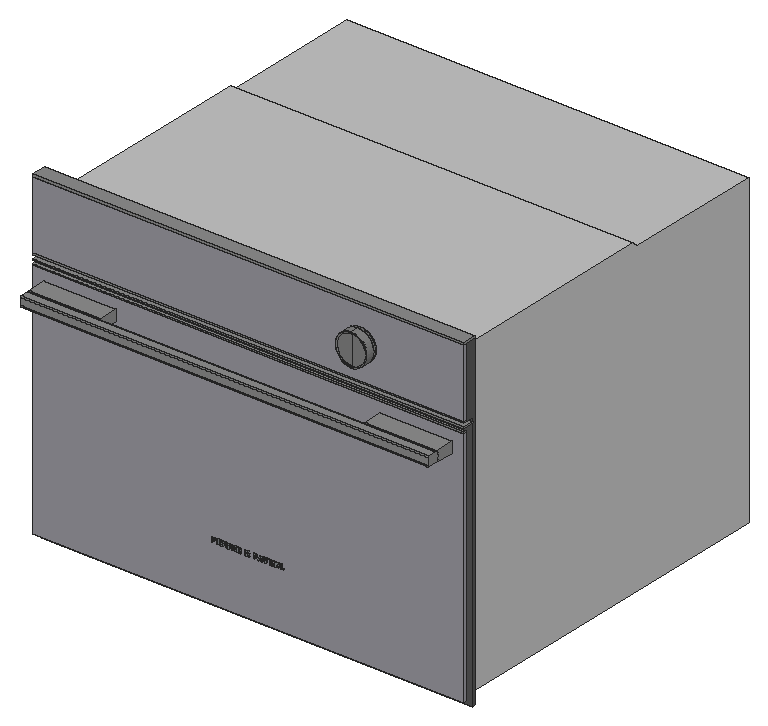
Revit family "FP-Revit19-en-OS60NMTDG1-CombinationSteamOven-0-90003171A-AU-NZ-CN-IE-UK", category Specialty Equipment, Revit 2019
Family settings
  Round Connector Dimension = Use Diameter
  Part Type = Normal
  OmniClass Number = 23.40.40.14.17.11
  OmniClass Title = Cookers, Ovens, Stoves
  Work Plane-Based = No
  Always vertical = Yes
  Cut with Voids When Loaded = Yes
  Shared = No
  Room Calculation Point = No
Parameters (values of type "OS60NMTDG1")
  Visibility - Clearance Required = yes
  URL = "www.fisherpaykel.com"
  Product - Height = 458 mm  # constant formula
  Product - Width = 596 mm  # constant formula
  Product - Depth (Exc. Handles) = 565 mm  # constant formula
  Opening - Height = 460 mm  # constant formula
  Model = "OS60NMTDG1"
  Material - Trim = Fisher & Paykel - Aluminium, Dark
  Material - Structure = Fisher & Paykel - Black
  Material - Handle = Fisher & Paykel - Aluminium, Dark
  Material - Glass = Fisher & Paykel - Glass, Grey
  Material - Dial = Fisher & Paykel - Aluminium, Dark, Matt
  Material - Body = Fisher & Paykel - Grey
  Manufacturer = "Fisher & Paykel Appliances"
  FFL Offset [instance] = 900 mm
  Description = "Combination Steam Oven, 60cm, 23 Function"
  Connector Description - Electrical = "220-250V, 50Hz ,15A"
  Chassis - Width = 556 mm  # constant formula
  Chassis - Height = 435 mm  # constant formula
  Chassis - Depth = 545 mm  # constant formula
  Cavity - Width = 560 mm  # constant formula
  Cavity - Height = 440 mm  # constant formula
  Cavity - Depth = 550 mm  # constant formula
Reference planes
  plane 1 "Datum": y = 0
  plane 2: z = -2
  plane 3 "Center (Left/Right)": x = 0
  plane 4 "Product - LHS": x = -298
  plane 5 "Product - RHS": x = 298
  plane 6 "Cavity - RHS": x = 280
  plane 7 "FFL Offset": z = 898
  plane 8 "Chassis - Depth": y = 545
  plane 9 "Front Face": y = -20
  plane 10 "Chassis - Height": z = 1333
  plane 11 "Cavity - Height": z = 1338
  plane 12 "Opening - Height": z = 1358
  plane 13 "Cavity - Depth": y = 550
  plane 14 "Cavity - LHS": x = -280
  plane 15 "Product - Height": z = 1356
  plane 16 "Opening - RHS": x = 300
  plane 17 "Opening - LHS": x = -300
  plane 18 "Chassis - LHS": x = -278
  plane 19 "Chassis - RHS": x = 278
Forms (mm)
  Extrusion 1, solid, material "Fisher & Paykel - Grey" <- "Material - Body"
    sketch origin (0, 0, 0) x (0, 1, 0) y (0, 0, 1)
      loop
        line (0, 1333) -> (0, 898) -> (528, 898) -> (528, 948) -> (545, 968) -> (545, 1163) -> (498, 1218) -> (498, 1326) -> (305, 1326) -> (298, 1333) -> (0, 1333)
    from -278 to 278
  Extrusion 2, solid, material "Fisher & Paykel - Black" <- "Material - Structure", detail levels fine
    sketch origin (0, 0, 0) x (0, 1, 0) y (0, 0, 1)
      loop
        line (0, 1352.7) -> (-16, 1352.7) -> (-16, 1256) -> (-4, 1256) -> (-4, 898) -> (0, 898) -> (0, 1352.7)
    from -298 to 298
  Extrusion 3, solid, material "Fisher & Paykel - Glass, Grey" <- "Material - Glass", detail levels fine
    sketch origin (0, 0, -3) x (0, 1, 0) y (0, 0, 1)
      loop
        line (-20, 1246.4) -> (-20, 912.8) -> (-16, 912.8) -> (-16, 1246.4) -> (-20, 1246.4)
      loop
        line (-20, 1260.8) -> (-16, 1260.8) -> (-16, 1355.7) -> (-20, 1355.7) -> (-20, 1260.8)
    from -298 to 298
  Extrusion 4, solid, material "Fisher & Paykel - Clearance Required", visible <- "Visibility - Clearance Required", detail levels coarse
    sketch origin (0, 0, -2) x (1, 0, 0) y (0, 1, 0)
      loop
        line (-280, 0) -> (280, 0) -> (280, 550) -> (-280, 550) -> (-280, 0)
    from 900 to 1340
  Extrusion 5, void
    sketch origin (0, 0, 0) x (0, 1, 0) y (0, 0, 1)
      loop
        line (-20, 898) -> (0, 898) -> (0, 1358) -> (-20, 1358) -> (-20, 898)
    from -300 to 300
  Extrusion 6, solid, material "Fisher & Paykel - Grey" <- "Material - Body"
    sketch origin (0, 2, 0) x (0, 1, 0) y (0, 0, 1)
      loop
        line (496, 1293.999) -> (496, 1237) -> (518, 1237) -> (518, 1293.999) -> (496, 1293.999)
    from -221 to -127
  Extrusion 7, solid, material "Fisher & Paykel - Aluminium, Dark" <- "Material - Trim", detail levels fine
    sketch origin (0, 0, -1.199) x (0, 1, 0) y (0, 0, 1)
      loop
        line (-16, 1257.199) -> (-16, 1258.999) -> (-20, 1258.999) -> (-20, 1257.199) -> (-16, 1257.199)
      loop
        line (-16, 1244.599) -> (-16, 1246.199) -> (-20, 1246.199) -> (-20, 1244.599) -> (-16, 1244.599)
      loop
        line (-4, 1250.799) -> (-4, 1252.399) -> (-20, 1252.399) -> (-20, 1250.799) -> (-4, 1250.799)
      loop
        line (0, 1353.899) -> (0, 1357.199) -> (-20, 1357.199) -> (-20, 1353.899) -> (0, 1353.899)
    from -298 to 298
  Extrusion 8, solid, material "Fisher & Paykel - Grey" <- "Material - Body"
    sketch origin (0, 1.626, -14.403) x (0, 1, 0) y (0, 0, 1)
      loop
        circle (506.375, 1279.903) r 5
    from -271 to -221
  Extrusion 9, void
    sketch origin (0, 0, -2) x (1, 0, 0) y (0, 1, 0)
      loop
        line (-280, 0) -> (280, 0) -> (280, 550) -> (-280, 550) -> (-280, 0)
    from 900 to 1340
  Extrusion 10, solid, material "Fisher & Paykel - Glass, Grey" <- "Material - Glass", detail levels coarse+medium
    sketch origin (0, 0, 0) x (0, 1, 0) y (0, 0, 1)
      loop
        line (0, 1356) -> (-20, 1356) -> (-20, 1256) -> (-4, 1256) -> (-4, 1251.2) -> (-4, 1242.5) -> (-16, 1242.5) -> (-16, 1245) -> (-20, 1245) -> (-20, 909.8) -> (-4, 909.8) -> (-4, 898) -> (0, 898) -> (0, 1356)
    from -298 to 298
  Extrusion 11, solid, material "Fisher & Paykel - Black", detail levels fine
    sketch origin (0, 0, 0) x (0, 1, 0) y (0, 0, 1)
      loop
        line (-16, 1242.5) -> (-16, 909.8) -> (-4, 909.8) -> (-4, 1242.5) -> (-16, 1242.5)
    from -278 to 278
  Extrusion 12, solid, material "Fisher & Paykel - Clearance Required", visible <- "Visibility - Clearance Required", detail levels coarse
    sketch origin (0, 0, -15) x (0, 1, 0) y (0, 0, 1)
      loop
        line (-20, 927.07) -> (-20, 913) -> (0, 913) -> (0, 1373) -> (-20, 1373) -> (-20, 1260)
        arc (-20, 1260) -> (-242.697, 1184.786) -> (-349.951, 975.626) r 312.455
        line (-349.951, 975.626) -> (-323.58, 971.745) -> (-329.921, 928.657) -> (-313.601, 926.256) -> (-307.26, 969.344) -> (-20, 927.07)
    from -300 to 300
  Extrusion 13, void
    sketch origin (0, 0, -2) x (1, 0, 0) y (0, 1, 0)
      loop
        line (278, 498) -> (278, 550) -> (198.978, 550) -> (229, 498) -> (278, 498)
      loop
        line (-278, 498) -> (-229, 498) -> (-198.978, 550) -> (-278, 550) -> (-278, 498)
    from 900 to 1340
Cuts and joins
  Extrusion 13 cuts Extrusion 1
Text (mm)
  text "Due to ongoing product development, product details are subject to change without notice. \nPlease always refer to www.fisherpaykel.com for the most current product information. \n© Fisher & Paykel 2020" at (41.04, -613.295, 0), in view "Ref. Level (Plan)"
Dimensions and locks
  equal spacing: plane 4 "Product - LHS", plane 3 "Center (Left/Right)", plane 5 "Product - RHS"
  "Product - Width": plane 4 "Product - LHS" to plane 5 "Product - RHS"
  "FFL Offset": plane 7 "FFL Offset" to level
  locked: plane 9 "Front Face" to plane 1 "Datum" at 20
  "Cavity - Height": plane 11 "Cavity - Height" to plane 7 "FFL Offset"
  "Chassis - Height": plane 10 "Chassis - Height" to plane 7 "FFL Offset"
  "Cavity - Width": plane 14 "Cavity - LHS" to plane 6 "Cavity - RHS"
  Extrusion 5 to Extrusion 3 = 11.8 mm
  "Chassis - Depth": plane 1 "Datum" to plane 8 "Chassis - Depth"
  equal spacing: plane 14 "Cavity - LHS", plane 3 "Center (Left/Right)", plane 6 "Cavity - RHS"
  "Opening - Height": plane 7 "FFL Offset" to plane 12 "Opening - Height"
  "Product - Height": plane 7 "FFL Offset" to plane 15 "Product - Height"
  locked: nested 2 to plane 15 "Product - Height" at 366.018
  locked: plane 15 "Product - Height" to nested 3 at 135
  locked: nested 1 to plane 15 "Product - Height" at 52
  "Cavity - Depth": plane 1 "Datum" to plane 13 "Cavity - Depth"
  plane 9 "Front Face" to plane 8 "Chassis - Depth" = 565 mm
  "Chassis - Width": plane 18 "Chassis - LHS" to plane 19 "Chassis - RHS"
  aligned and locked: level to plane 2
  aligned and locked: plane 4 "Product - LHS" to Extrusion 3
  aligned and locked: Extrusion 3 to plane 5 "Product - RHS"
  aligned and locked: plane 4 "Product - LHS" to Extrusion 2
  aligned and locked: Extrusion 2 to plane 5 "Product - RHS"
  aligned and locked: Extrusion 1 to plane 7 "FFL Offset"
  aligned and locked: Extrusion 7 to plane 5 "Product - RHS"
  aligned and locked: Extrusion 7 to Extrusion 3
  aligned and locked: Extrusion 5 to Extrusion 3
  aligned and locked: Extrusion 3 to Extrusion 7
  aligned and locked: Extrusion 7 to plane 1 "Datum"
  aligned and locked: plane 9 "Front Face" to Extrusion 5
  aligned and locked: Extrusion 4 to plane 6 "Cavity - RHS"
  aligned and locked: Extrusion 8 to Extrusion 6
  aligned and locked: plane 11 "Cavity - Height" to Extrusion 4
  aligned and locked: Extrusion 5 to plane 12 "Opening - Height"
  aligned and locked: Extrusion 5 to Extrusion 2
  aligned and locked: Extrusion 7 to plane 15 "Product - Height"
  aligned and locked: Extrusion 7 to Extrusion 2  (x2)
  aligned and locked: Extrusion 4 to Extrusion 2
  aligned and locked: Extrusion 4 to plane 7 "FFL Offset"
  aligned and locked: Extrusion 10 sketch curve to plane 15 "Product - Height"
  aligned and locked: plane 11 "Cavity - Height" to Extrusion 9
  aligned and locked: Extrusion 2 to Extrusion 9
  aligned and locked: plane 10 "Chassis - Height" to Extrusion 1
  aligned and locked: Extrusion 3 to Extrusion 11
  aligned and locked: Extrusion 2 to Extrusion 3
  aligned and locked: Extrusion 1 to Extrusion 13
  aligned and locked: Extrusion 13 to Extrusion 4
  aligned and locked: plane 4 "Product - LHS" to Extrusion 7
  aligned and locked: Extrusion 13 to Extrusion 1  (x2)
Automatic sketch dimensions
  Extrusion 2 sketch curve to plane 7 "FFL Offset" = 0 mm
  Extrusion 2 sketch curve to plane 1 "Datum" = 0 mm
  plane 1 "Datum" to Extrusion 2 sketch curve = 4 mm
  Extrusion 2 sketch curve to plane 9 "Front Face" = 4 mm
  Extrusion 2 sketch curve to plane 10 "Chassis - Height" = 77 mm
  plane 15 "Product - Height" to Extrusion 2 sketch curve = 3.3 mm
  Extrusion 3 sketch curve to plane 9 "Front Face" = 0 mm  (x2)
  Extrusion 3 sketch curve to Extrusion 3 sketch curve = 4 mm  (x2)
  plane 7 "FFL Offset" to Extrusion 3 sketch curve = 11.8 mm
  Extrusion 3 sketch curve to plane 10 "Chassis - Height" = 89.6 mm
  Extrusion 3 sketch curve to Extrusion 3 sketch curve = 14.4 mm
  plane 15 "Product - Height" to Extrusion 3 sketch curve = 3.3 mm
  Extrusion 4 sketch curve to plane 14 "Cavity - LHS" = 0 mm
  Extrusion 4 sketch curve to plane 6 "Cavity - RHS" = 0 mm
  plane 1 "Datum" to Extrusion 4 sketch curve = 0 mm
  Extrusion 5 sketch curve to plane 9 "Front Face" = 0 mm
  Extrusion 5 sketch curve to plane 1 "Datum" = 0 mm
  Extrusion 5 sketch curve to plane 7 "FFL Offset" = 0 mm
  plane 12 "Opening - Height" to Extrusion 5 sketch curve = 0 mm
  plane 13 "Cavity - Depth" to Extrusion 6 sketch curve = 52 mm
  Extrusion 6 sketch curve to Extrusion 6 sketch curve = 22 mm
  Extrusion 6 sketch curve to plane 10 "Chassis - Height" = 96 mm
  Extrusion 6 sketch curve to plane 10 "Chassis - Height" = 39.001 mm
  Extrusion 7 sketch curve to plane 9 "Front Face" = 0 mm  (x4)
  Extrusion 7 sketch curve to plane 1 "Datum" = 0 mm
  plane 15 "Product - Height" to Extrusion 7 sketch curve = 0 mm
  Extrusion 7 sketch curve to Extrusion 7 sketch curve = 4 mm  (x2)
  plane 1 "Datum" to Extrusion 7 sketch curve = 4 mm
  plane 15 "Product - Height" to Extrusion 7 sketch curve = 3.3 mm
  Extrusion 7 sketch curve to plane 10 "Chassis - Height" = 75.2 mm
  Extrusion 7 sketch curve to Extrusion 7 sketch curve = 1.8 mm
  Extrusion 7 sketch curve to Extrusion 7 sketch curve = 4.8 mm
  Extrusion 7 sketch curve to Extrusion 7 sketch curve = 1.6 mm  (x2)
  Extrusion 7 sketch curve to Extrusion 7 sketch curve = 4.6 mm
  plane 13 "Cavity - Depth" to Extrusion 8 sketch curve = 41.999 mm
  Extrusion 8 sketch curve to plane 10 "Chassis - Height" = 67.5 mm
  Extrusion 9 sketch curve to plane 14 "Cavity - LHS" = 0 mm
  Extrusion 9 sketch curve to plane 6 "Cavity - RHS" = 0 mm
  plane 1 "Datum" to Extrusion 9 sketch curve = 0 mm
  Extrusion 12 sketch curve to plane 9 "Front Face" = 0 mm  (x2)
  Extrusion 12 sketch curve to plane 1 "Datum" = 0 mm
  Extrusion 12 sketch curve to plane 7 "FFL Offset" = 0 mm
  plane 12 "Opening - Height" to Extrusion 12 sketch curve = 0 mm
  plane 9 "Front Face" to Extrusion 12 sketch curve = 18.71 mm
  plane 7 "FFL Offset" to Extrusion 12 sketch curve = 56.344 mm
  Extrusion 12 sketch curve to Extrusion 12 sketch curve = 268.55 mm
  plane 7 "FFL Offset" to Extrusion 12 sketch curve = 13.256 mm
  Extrusion 12 sketch curve to Extrusion 12 sketch curve = 6.341 mm
  plane 7 "FFL Offset" to Extrusion 12 sketch curve = 58.745 mm
  Extrusion 12 sketch curve to Extrusion 12 sketch curve = 16.32 mm
  plane 7 "FFL Offset" to Extrusion 12 sketch curve = 62.626 mm
  Extrusion 12 sketch curve to Extrusion 12 sketch curve = 21.035 mm
  Extrusion 10 sketch curve to plane 9 "Front Face" = 0 mm  (x2)
  Extrusion 10 sketch curve to plane 7 "FFL Offset" = 0 mm
  Extrusion 10 sketch curve to plane 1 "Datum" = 0 mm
  Extrusion 10 sketch curve to Extrusion 10 sketch curve = 4 mm
  plane 1 "Datum" to Extrusion 10 sketch curve = 4 mm  (x2)
  plane 7 "FFL Offset" to Extrusion 10 sketch curve = 11.8 mm
  Extrusion 10 sketch curve to plane 10 "Chassis - Height" = 90.5 mm
  Extrusion 10 sketch curve to Extrusion 10 sketch curve = 2.5 mm
  Extrusion 10 sketch curve to Extrusion 10 sketch curve = 8.7 mm
  Extrusion 10 sketch curve to Extrusion 10 sketch curve = 11 mm
  Extrusion 11 sketch curve to plane 9 "Front Face" = 4 mm
  plane 1 "Datum" to Extrusion 11 sketch curve = 4 mm
  plane 7 "FFL Offset" to Extrusion 11 sketch curve = 11.8 mm
  Extrusion 11 sketch curve to plane 10 "Chassis - Height" = 90.5 mm
  plane 8 "Chassis - Depth" to Extrusion 4 sketch curve = 5 mm
  plane 8 "Chassis - Depth" to Extrusion 9 sketch curve = 5 mm
  Extrusion 13 sketch curve to plane 18 "Chassis - LHS" = 0 mm
  plane 13 "Cavity - Depth" to Extrusion 13 sketch curve = 0 mm  (x2)
  Extrusion 13 sketch curve to plane 19 "Chassis - RHS" = 0 mm
  Extrusion 13 sketch curve to plane 18 "Chassis - LHS" = 49 mm
  Extrusion 13 sketch curve to Extrusion 13 sketch curve = 30.022 mm
  Extrusion 13 sketch curve to Extrusion 13 sketch curve = 79.022 mm
  plane 19 "Chassis - RHS" to Extrusion 13 sketch curve = 49 mm
  Extrusion 13 sketch curve to plane 8 "Chassis - Depth" = 47 mm  (x2)
  Extrusion 1 sketch curve to plane 1 "Datum" = 0 mm
  Extrusion 1 sketch curve to plane 10 "Chassis - Height" = 0 mm
  Extrusion 1 sketch curve to plane 7 "FFL Offset" = 0 mm
  Extrusion 1 sketch curve to plane 8 "Chassis - Depth" = 0 mm
  Extrusion 1 sketch curve to plane 8 "Chassis - Depth" = 247 mm
  Extrusion 1 sketch curve to Extrusion 1 sketch curve = 7 mm
  Extrusion 1 sketch curve to plane 10 "Chassis - Height" = 7 mm
  Extrusion 1 sketch curve to plane 8 "Chassis - Depth" = 47 mm
  Extrusion 1 sketch curve to plane 8 "Chassis - Depth" = 17 mm
  plane 7 "FFL Offset" to Extrusion 1 sketch curve = 50 mm
  Extrusion 1 sketch curve to Extrusion 1 sketch curve = 20 mm
  Extrusion 1 sketch curve to Extrusion 1 sketch curve = 163 mm
  Extrusion 1 sketch curve to Extrusion 1 sketch curve = 55 mm
  radius of Extrusion 8 sketch curve = 5 mm
Nested families
  nested 1: "F&P Dial Minimal Oven" at (155.3, -20, 1304), type "F&P Dial Minimal Oven"
  nested 2: "F&P Logo 100mm" at (0.044, -20, 987.177), type "Grey"
  nested 3: "F&P Handle Contemporary Square Fine OB60-24" at (0, -20, 1221.022), type "Aluminium Black"
Connectors
  electrical at (-271, 508.001, 1265.5), driven by "Connector Description - Electrical"
    settings: on Extrusion 8, index 1, voltage 230 V, apparent load 0 VA, apparent load phase1 0 VA, apparent load phase2 0 VA, apparent load phase3 0 VA, power factor 1, load classification "Other", number of poles 1, system type 30, power factor state 1, is connector primary yes, connector utility no, sub classification motor no, connector description "220-250V, 50Hz ,15A"
Definition of nested family "F&P Dial Minimal Oven"
  Parameters (values of type "F&P Dial Minimal Oven")
    URL = "www.fisherpaykel.com"
    Material - Buttons and Dials = none
    Manufacturer = "Fisher & Paykel Appliances"
  Reference planes
    plane 1 "Center (Front/Back)": y = 0
    plane 2: z = 0
    plane 3 "Center (Left/Right)": x = 0
    plane 4: x = 0
    plane 5 "Dial": z = 0
  Forms (mm)
    Revolve 1, solid, material <- "Material - Buttons and Dials", detail levels fine
      sketch origin (0, 0, 0) x (0, 1, 0) y (0, 0, 1)
        loop
          line (-15.2, 0) -> (0, 0) -> (0, 22) -> (-0.8, 22) -> (-0.8, 18.5) -> (-4.2, 18.5) -> (-4.2, 20.136) -> (-4.7, 22) -> (-15.8, 22) -> (-15.8, 21.2) -> (-15.301, 20) -> (-15.301, 0)
        axis (-15.8, 0) -> (0, 0)
      angle from 0 to 360
    Revolve 2, solid, material <- "Material - Buttons and Dials", detail levels coarse+medium
      sketch origin (0, 0, 0) x (0, 1, 0) y (0, 0, 1)
        loop
          line (0, 18.5) -> (-4.2, 18.5) -> (-4.2, 22) -> (-15.8, 22) -> (-15.8, 0) -> (0, 0) -> (0, 18.5)
        axis (-15.8, 0) -> (0, 0)
      angle from 0 to 360
  Dimensions and locks
    aligned and locked: level to plane 2
Definition of nested family "F&P Logo 100mm"
  Parameters (values of type "Grey")
    URL = "www.fisherpaykel.com"
    Material - Logo = none
    Manufacturer = "Fisher & Paykel Appliances"
  Reference planes
    plane 1 "Center (Front/Back)": y = 0
    plane 2: z = 0
    plane 3 "Center (Left/Right)": x = 0
    plane 4 "Logo": z = 2.805
  Forms (mm)
    Extrusion 1, solid, material <- "Material - Logo", detail levels fine
      sketch origin (0, 0, 0) x (1, 0, 0) y (0, 0, 1)
        loop
          line (-50.044, 0) -> (-48.47, 0) -> (-48.47, 2.138) -> (-46.011, 2.138) -> (-46.011, 3.472) -> (-48.47, 3.472) -> (-48.47, 4.712) -> (-45.795, 4.712) -> (-45.795, 6.04) -> (-50.044, 6.04) -> (-50.044, 0)
        loop
          line (-42.804, 6.04) -> (-42.804, 0) -> (-41.23, 0) -> (-41.23, 6.04) -> (-42.804, 6.04)
        loop
          line (-30.724, 6.04) -> (-30.724, 0) -> (-29.151, 0) -> (-29.151, 2.42) -> (-26.839, 2.42) -> (-26.839, 0) -> (-25.265, 0) -> (-25.265, 6.04) -> (-26.839, 6.04) -> (-26.839, 3.748) -> (-29.151, 3.748) -> (-29.151, 6.04) -> (-30.724, 6.04)
        loop
          line (-21.906, 6.04) -> (-21.906, 0) -> (-17.602, 0) -> (-17.602, 1.328) -> (-20.347, 1.328) -> (-20.347, 2.42) -> (-17.838, 2.42) -> (-17.838, 3.748) -> (-20.347, 3.748) -> (-20.347, 4.712) -> (-17.602, 4.712) -> (-17.602, 6.04) -> (-21.906, 6.04)
        loop
          line (45.667, 6.04) -> (45.667, 0) -> (49.956, 0) -> (49.956, 1.328) -> (47.241, 1.328) -> (47.241, 6.04) -> (45.667, 6.04)
        loop
          line (42.431, 6.04) -> (38.112, 6.04) -> (38.112, 0) -> (42.431, 0) -> (42.431, 1.328) -> (39.687, 1.328) -> (39.687, 2.42) -> (42.195, 2.42) -> (42.195, 3.748) -> (39.687, 3.748) -> (39.687, 4.712) -> (42.431, 4.712) -> (42.431, 6.04)
        loop
          line (33.443, 3.137) -> (35.683, 6.04) -> (33.844, 6.04) -> (31.915, 3.542) -> (31.915, 6.04) -> (30.342, 6.04) -> (30.342, 0) -> (31.915, 0) -> (31.915, 2.705) -> (33.903, 0) -> (35.747, 0) -> (33.443, 3.137)
        loop
          line (21.98, 6.04) -> (24.262, 2.42) -> (24.262, 0) -> (25.837, 0) -> (25.837, 2.341) -> (28.119, 6.04) -> (26.446, 6.04) -> (25.099, 3.707) -> (23.753, 6.04) -> (21.98, 6.04)
        loop
          line (18.479, 6.04) -> (16.983, 6.04) -> (14.524, 0) -> (16.069, 0) -> (16.501, 1.112) -> (18.786, 1.112) -> (19.219, 0) -> (20.938, 0) -> (18.479, 6.04)
        loop
          line (18.4, 2.439) -> (17.693, 4.174) -> (17.018, 2.439) -> (18.4, 2.439)
        loop
          line (8.031, 6.04) -> (8.031, 0) -> (9.605, 0) -> (9.605, 1.938) -> (10.599, 1.938)
          arc (10.599, 1.938) -> (12.65, 3.989) -> (10.599, 6.04) r 2.051
          line (10.599, 6.04) -> (8.031, 6.04)
        loop
          line (9.605, 4.712) -> (9.605, 3.197) -> (10.501, 3.197)
          arc (10.501, 3.197) -> (11.259, 3.954) -> (10.501, 4.712) r 0.757
          line (10.501, 4.712) -> (9.605, 4.712)
        loop
          line (-11.783, 6.04) -> (-14.366, 6.04) -> (-14.366, 0) -> (-12.792, 0) -> (-12.792, 1.336) -> (-11.992, 1.336) -> (-10.972, 0) -> (-9.153, 0) -> (-10.694, 1.973)
          arc (-10.694, 1.973) -> (-9.678, 4.424) -> (-11.783, 6.04) r 2.179
        loop
          line (-11.897, 4.712) -> (-12.792, 4.712) -> (-12.792, 3.053) -> (-11.897, 3.053)
          arc (-11.897, 3.053) -> (-11.068, 3.882) -> (-11.897, 4.712) r 0.83
        loop
          line (0.477, 4.712) -> (0.477, 6.153) -> (-3.575, 6.153) -> (-3.575, 4.851) -> (-2.974, 4.112)
          arc (-2.974, 4.112) -> (-3.51, 0.684) -> (-0.045, 0.512) r 2.334
          line (-0.045, 0.512) -> (0.46, -0.109) -> (2.246, -0.109) -> (0.86, 1.594) -> (2.061, 3.324) -> (0.443, 3.324) -> (-0.013, 2.667) -> (-1.677, 4.712) -> (0.477, 4.712)
        loop
          arc (-2.125, 3.068) -> (-2.269, 1.668) -> (-0.868, 1.524) r 0.996
          line (-0.868, 1.524) -> (-2.125, 3.068)
        loop
          line (-35.18, 3.634) -> (-36.516, 3.91)
          arc (-36.516, 3.91) -> (-37.049, 4.443) -> (-36.516, 4.976) r 0.533
          arc (-36.516, 4.976) -> (-35.235, 4.79) -> (-34.059, 4.248) r 4.505
          line (-34.059, 4.248) -> (-34.059, 5.743)
          arc (-34.059, 5.743) -> (-35.549, 6.179) -> (-37.1, 6.109) r 4.726
          arc (-37.1, 6.109) -> (-38.536, 4.335) -> (-37.1, 2.561) r 1.814
          line (-37.1, 2.561) -> (-35.754, 2.282)
          arc (-35.754, 2.282) -> (-35.221, 1.749) -> (-35.754, 1.216) r 0.533
          arc (-35.754, 1.216) -> (-37.035, 1.402) -> (-38.211, 1.945) r 4.505
          line (-38.211, 1.945) -> (-38.211, 0.449)
          arc (-38.211, 0.449) -> (-36.72, 0.013) -> (-35.169, 0.083) r 4.726
          arc (-35.169, 0.083) -> (-33.734, 1.863) -> (-35.18, 3.634) r 1.814
      from 0 to 0.8
  Dimensions and locks
    aligned and locked: level to plane 2
Definition of nested family "F&P Handle Contemporary Square Fine OB60-24"
  Parameters (values of type "Aluminium Black")
    URL = "www.fisherpaykel.com"
    Material - Handle = none
    Manufacturer = "Fisher & Paykel Appliances"
    Handle - Length = 565 mm
  Reference planes
    plane 1 "Center (Front/Back)": y = 0
    plane 2: z = 0
    plane 3 "Center (Left/Right)": x = 0
    plane 4 "Product LHS": x = -282.5
    plane 5 "Product RHS": x = 282.5
    plane 6 "LHS Standoff": x = -182.495
    plane 7 "RHS Standoff": x = 182.505
    plane 8 "Handle centre": z = -0.022
    plane 9: z = -0.022
  Forms (mm)
    Extrusion 1, solid, material <- "Material - Handle", detail levels fine
      sketch origin (0, 0, 0) x (0, 1, 0) y (0, 0, 1)
        loop
          arc (-26.813, 6.16) -> (-27.196, 6.554) -> (-27.728, 6.686) r 1
          line (-27.728, 6.686) -> (-40.035, 6.256)
          arc (-40.035, 6.256) -> (-40.719, 5.951) -> (-41, 5.257) r 1
          line (-41, 5.257) -> (-41, -5.257)
          arc (-41, -5.257) -> (-40.719, -5.951) -> (-40.035, -6.256) r 1
          line (-40.035, -6.256) -> (-27.709, -6.686)
          arc (-27.709, -6.686) -> (-27.175, -6.554) -> (-26.792, -6.158) r 1
          arc (-26.792, -6.158) -> (-25.256, 0.004) -> (-26.813, 6.16) r 13.038
      from -282.5 to 282.5
    Extrusion 2, solid, material <- "Material - Handle", detail levels fine
      sketch origin (0, 0, 0) x (0, 1, 0) y (0, 0, 1)
        loop
          arc (-26.626, -6.008) -> (-26.614, -6.49) -> (-26.2, -6.737) r 0.5
          line (-26.2, -6.737) -> (0, -7.696) -> (0, 7.704) -> (-26.174, 6.747)
          arc (-26.174, 6.747) -> (-26.587, 6.5) -> (-26.6, 6.019) r 0.5
          arc (-26.6, 6.019) -> (-25.156, 0.002) -> (-26.626, -6.008) r 13.136
      from 182.505 to 282.5
    Extrusion 3, solid, material <- "Material - Handle", detail levels coarse+medium
      sketch origin (0, 0, 0) x (1, 0, 0) y (0, 1, 0)
        loop
          line (-282.5, -42) -> (282.5, -42) -> (282.5, 0) -> (182.505, 0) -> (182.505, -26.156) -> (-182.495, -26.156) -> (-182.495, 0) -> (-282.5, 0) -> (-282.5, -42)
      from -8.022 to 7.978
    Extrusion 4, solid, material <- "Material - Handle", detail levels fine
      sketch origin (0, 0, 0) x (0, 1, 0) y (0, 0, 1)
        loop
          arc (-26.626, -6.008) -> (-26.614, -6.49) -> (-26.2, -6.737) r 0.5
          line (-26.2, -6.737) -> (0, -7.696) -> (0, 7.704) -> (-26.174, 6.747)
          arc (-26.174, 6.747) -> (-26.587, 6.5) -> (-26.6, 6.019) r 0.5
          arc (-26.6, 6.019) -> (-25.156, 0.002) -> (-26.626, -6.008) r 13.136
      from -282.5 to -182.495
  Dimensions and locks
    equal spacing: plane 4 "Product LHS", plane 3 "Center (Left/Right)", plane 5 "Product RHS"
    "Handle - Length": plane 4 "Product LHS" to plane 5 "Product RHS"
    locked: plane 4 "Product LHS" to plane 6 "LHS Standoff" at 100.005
    locked: plane 7 "RHS Standoff" to plane 5 "Product RHS" at 99.995
    aligned and locked: level to plane 2
    aligned and locked: Extrusion 1 to plane 5 "Product RHS"
    aligned and locked: plane 4 "Product LHS" to Extrusion 1
    aligned and locked: Extrusion 2 to plane 5 "Product RHS"
    aligned and locked: plane 4 "Product LHS" to Extrusion 3 sketch curve
    aligned and locked: Extrusion 3 sketch curve to plane 5 "Product RHS"
    aligned and locked: Extrusion 3 sketch curve to plane 7 "RHS Standoff"
    aligned and locked: plane 6 "LHS Standoff" to Extrusion 3 sketch curve
    aligned and locked: plane 4 "Product LHS" to Extrusion 4
    aligned and locked: plane 6 "LHS Standoff" to Extrusion 4
    aligned and locked: Extrusion 2 to plane 7 "RHS Standoff"
  Automatic sketch dimensions
    Extrusion 1 sketch curve to level = 5.257 mm
    plane 1 "Center (Front/Back)" to Extrusion 1 sketch curve = 41 mm
    level to Extrusion 1 sketch curve = 6.256 mm
    Extrusion 1 sketch curve to Extrusion 1 sketch curve = 0.965 mm  (x2)
    Extrusion 1 sketch curve to level = 6.256 mm
    Extrusion 1 sketch curve to Extrusion 1 sketch curve = 0.035 mm  (x3)
    Extrusion 1 sketch curve to level = 0.018 mm
    Extrusion 1 sketch curve to Extrusion 1 sketch curve = 1.706 mm
    level to Extrusion 1 sketch curve = 6.686 mm
    Extrusion 1 sketch curve to Extrusion 1 sketch curve = 12.307 mm
    Extrusion 1 sketch curve to level = 6.686 mm
    Extrusion 1 sketch curve to Extrusion 1 sketch curve = 12.326 mm
    Extrusion 1 sketch curve to Extrusion 1 sketch curve = 0.999 mm  (x2)
    Extrusion 1 sketch curve to Extrusion 1 sketch curve = 0 mm
    Extrusion 2 sketch curve to plane 1 "Center (Front/Back)" = 0 mm
    level to Extrusion 2 sketch curve = 6.247 mm
    plane 1 "Center (Front/Back)" to Extrusion 2 sketch curve = 26.155 mm
    level to Extrusion 2 sketch curve = 6.747 mm
    Extrusion 2 sketch curve to Extrusion 2 sketch curve = 0.018 mm  (x2)
    Extrusion 2 sketch curve to level = 6.238 mm
    Extrusion 2 sketch curve to Extrusion 2 sketch curve = 0.026 mm
    Extrusion 2 sketch curve to level = 6.737 mm
    level to Extrusion 2 sketch curve = 0.03 mm
    Extrusion 2 sketch curve to Extrusion 2 sketch curve = 12.11 mm
    Extrusion 2 sketch curve to level = 7.696 mm
    level to Extrusion 2 sketch curve = 7.704 mm
    Extrusion 2 sketch curve to Extrusion 2 sketch curve = 0 mm
    plane 1 "Center (Front/Back)" to Extrusion 3 sketch curve = 42 mm
    Extrusion 3 sketch curve to Extrusion 3 sketch curve = 15.844 mm
    Extrusion 3 sketch curve to Extrusion 3 sketch curve = 26.156 mm  (x2)
    level to Extrusion 4 sketch curve = 0.03 mm
    plane 1 "Center (Front/Back)" to Extrusion 4 sketch curve = 38.291 mm
    Extrusion 4 sketch curve to level = 6.737 mm
    Extrusion 4 sketch curve to Extrusion 4 sketch curve = 12.091 mm
    Extrusion 4 sketch curve to Extrusion 4 sketch curve = 0.018 mm  (x2)
    level to Extrusion 4 sketch curve = 6.747 mm
    Extrusion 4 sketch curve to Extrusion 4 sketch curve = 0.008 mm
    level to Extrusion 4 sketch curve = 7.704 mm
    Extrusion 4 sketch curve to Extrusion 4 sketch curve = 26.174 mm
    Extrusion 4 sketch curve to level = 7.696 mm
    Extrusion 4 sketch curve to Extrusion 4 sketch curve = 0.5 mm  (x2)
    Extrusion 4 sketch curve to Extrusion 4 sketch curve = 0 mm
